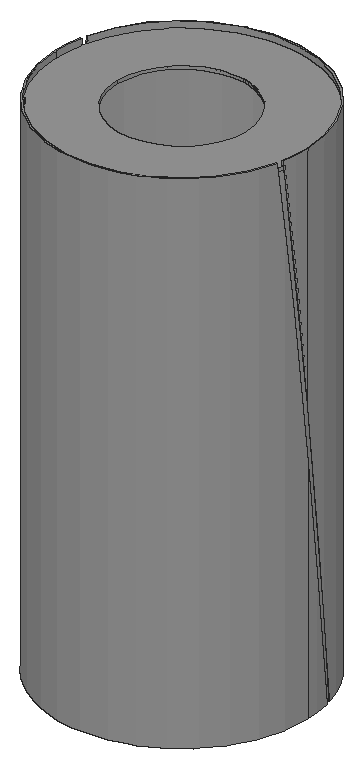
Revit family "Урна «Диагональ» Арт 14130", category Антураж, Revit 2018
Family settings
  На основе рабочей плоскости = Нет
  Всегда вертикально = Да
  При загрузке вырезать с полостями = Нет
  Источник визуального образа = Геометрия семейства
  Общий = Нет
  Точка расчета площади = Нет
Parameters (values of type "Урна «Диагональ»")
  Ширина = 420 mm  # constant formula
  Цвет урны = Синий
  Описание = "Урна «Диагональ»"  # constant formula
  Материал изделия = "Сталь"  # constant formula
  Изображение типоразмера = Урна «Диагональ» Арт 14130.jpg
  Изготовитель = "ООО «Хоббика»"  # constant formula
  Длина = 420 mm  # constant formula
  Группа модели = "Уличные урны"  # constant formula
  Высота = 850 mm  # constant formula
  Артикул товара = "Арт. 14130"  # constant formula
  URL = "https://hobbyka.ru/product/urna_diagonal/"
Reference planes
  plane 1 "По центру (Вперед/Назад)": y = 0
  plane 2: z = 0
  plane 3 "По центру (Влево/Вправо)": x = 0
  plane 4: x = 420
  plane 5: y = 420
  plane 6: z = 850
Forms (mm)
  Extrusion 1, solid, material "Синий" <- "Цвет урны"
    sketch origin (0, 0, 0) x (1, 0, 0) y (0, 1, 0)
      loop
        circle (210, 210) r 210
      loop
        circle (210, 210) r 208
    from 0 to 850
  Extrusion 2, void
    sketch origin (0, 0, 0) x (0, 1, 0) y (0, 0, 1)
      loop
        line (265, 850) -> (255, 850) -> (155, 0) -> (165, 0) -> (265, 850)
    from 0 to 10.522
  Extrusion 3, void
    sketch origin (420, 420, 0) x (0, -1, 0) y (0, 0, 1)
      loop
        line (265, 850) -> (255, 850) -> (155, 0) -> (165, 0) -> (265, 850)
    from 0 to 10.522
  Extrusion 4, solid, material "Сталь"
    sketch origin (0, 0, 0) x (1, 0, 0) y (0, 1, 0)
      loop
        circle (210, 210) r 208
      loop
        circle (210, 210) r 108
    from 835 to 840
  Revolve 5, solid, material "Сталь"
    sketch origin (210, 0, 0) x (0, 1, 0) y (0, 0, 1)
      loop
        line (2, 835) -> (2, 0) -> (210, 0) -> (210, 2) -> (4, 2) -> (4, 835) -> (2, 835)
      axis (210, 835) -> (210, 0)
    angle from 0 to 360
Cuts and joins
  Extrusion 2, Extrusion 3 cuts Extrusion 1
Dimensions and locks
  "Длина": plane 3 "По центру (Влево/Вправо)" to plane 4
  "Ширина": plane 1 "По центру (Вперед/Назад)" to plane 5
  "Высота": plane 6 to plane 2
  aligned and locked: level to plane 2
Automatic sketch dimensions
  Extrusion 1 sketch curve to Extrusion 1 sketch curve = 0 mm  (x2)
  plane 3 "По центру (Влево/Вправо)" to Extrusion 1 sketch curve = 210 mm
  Extrusion 1 sketch curve to plane 1 "По центру (Вперед/Назад)" = 210 mm
  Extrusion 2 sketch curve to level = 0 mm
  Extrusion 2 sketch curve to plane 6 = 0 mm
  Extrusion 2 sketch curve to plane 1 "По центру (Вперед/Назад)" = 155 mm
  Extrusion 2 sketch curve to Extrusion 2 sketch curve = 10 mm  (x2)
  Extrusion 2 sketch curve to plane 5 = 165 mm
  Extrusion 3 sketch curve to level = 0 mm
  Extrusion 3 sketch curve to plane 6 = 0 mm
  Extrusion 3 sketch curve to plane 5 = 155 mm
  Extrusion 3 sketch curve to Extrusion 3 sketch curve = 10 mm  (x2)
  Extrusion 3 sketch curve to plane 1 "По центру (Вперед/Назад)" = 165 mm
  Extrusion 4 sketch curve to Extrusion 4 sketch curve = 0 mm  (x2)
  plane 3 "По центру (Влево/Вправо)" to Extrusion 4 sketch curve = 210 mm
  Extrusion 4 sketch curve to plane 1 "По центру (Вперед/Назад)" = 210 mm
  Revolve 5 sketch curve to level = 0 mm  (x2)
  Revolve 5 sketch curve to plane 6 = 0 mm
  Revolve 5 sketch curve to plane 1 "По центру (Вперед/Назад)" = 2 mm
  Revolve 5 sketch curve to Revolve 5 sketch curve = 2 mm
  level to Revolve 5 sketch curve = 2 mm
  Revolve 5 sketch curve to Revolve 5 sketch curve = 206 mm
  Revolve 5 sketch curve to plane 6 = 15 mm
  Revolve 5 sketch curve to Revolve 5 sketch curve = 0 mm
  radius of Extrusion 1 sketch curve = 210 mm
  radius of Extrusion 1 sketch curve = 208 mm
  radius of Extrusion 4 sketch curve = 208 mm
  radius of Extrusion 4 sketch curve = 108 mm
